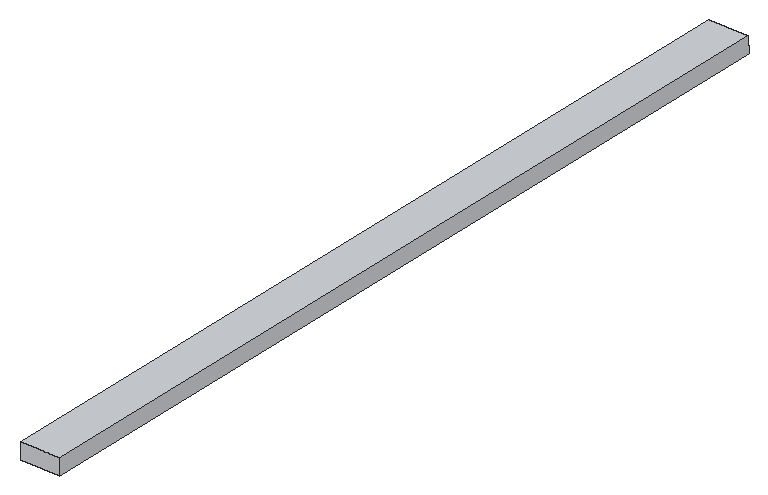
Revit family "LCS8", category Lighting Fixtures, host Face, Revit 2012
Parameters
  Wattage Comments = ""
  Wattage = 9.2903 W
  WIDTH = 2' - 0"
  built-in parameter 1150110 = 1 (stored number, unit not read)
  Voltage = 0 V
  built-in parameter 1114217 = 1 (stored number, unit not read)
  Tilt Angle = 60.00°
  built-in parameter 1150109 = 1 (stored number, unit not read)
  built-in parameter 1150134 = 3
  built-in parameter 1150113 = 1 (stored number, unit not read)
  Product Page URL = "http://www.columbialighting.com/products/specs/specs_files/lcs.pdf"
  Product Documentation Link = "http://www.columbialighting.com/products/specs/specs_files/lcs.pdf"
  Power Factor = 1
  Photometric Web File = "generic"
  Number of Poles = 1
  built-in parameter 1150142 = (empty or 0)
  Model = "LCS"
  Manufacturer = "COLUMBIA"
  built-in parameter 1150105 = 109.82 (stored number, unit not read)
  Lumens = 1380 lm
  built-in parameter 1150115 = 1 (stored number, unit not read)
  built-in parameter 1150137 = (empty or 0)
  built-in parameter 1150139 = (empty or 0)
  built-in parameter 1150112 = 1 (stored number, unit not read)
  built-in parameter 1150114 = 1 (stored number, unit not read)
  Lamp = "LED"
  LEGNTH = 4' - 6"
  built-in parameter 1150132 = (empty or 0)
  built-in parameter 1150102 = (empty or 0)
  built-in parameter 1150107 = 3200 (stored number, unit not read)
  built-in parameter 1150138 = (empty or 0)
  built-in parameter 1150106 = 1.0982 (stored number, unit not read)
  IES FILE LINK = ""
  built-in parameter 1150104 = 13.8 (stored number, unit not read)
  Dimming Lamp Color Temperature Shift = (empty or 0)
  Default Elevation = 4' - 0"
  Color Filter = 16777215
  built-in parameter 1114218 = 1 (stored number, unit not read)
  built-in parameter 1150133 = 10 (stored number, unit not read)
  Apparent Load = 0 VA
Reference planes (in)
  plane 1 "Center (Front/Back)": y = 0
  plane 2: z = 0
  plane 3 "Center (Left/Right)": x = 0
  plane 4: x = -2.21875
  plane 5: y = 48
  plane 6: x = 2.21875
  plane 7: y = -48
  plane 8: z = 1.8125
Forms (in)
  Extrusion 1, solid
    sketch origin (0, 0, 0) x (1, 0, 0) y (0, 0, 1)
      loop
        line (-2.21875, 0) -> (2.21875, 0) -> (2.21875, 1.8125) -> (-2.21875, 1.8125) -> (-2.21875, 0)
    from 48 to -48
Dimensions and locks (in)
  aligned and locked: plane 2 to host face
  aligned and locked: level to host face
Connectors (in)
  electrical at (0, 0, 0), driven by "Number of Poles", driven by "Voltage", driven by "Apparent Load", driven by "Power Factor"
    settings: on host face, index 1, voltage 0 V, apparent load 0 VA, apparent load phase1 0 VA, apparent load phase2 0 VA, apparent load phase3 0 VA, power factor 1, load classification "Other", number of poles 1, system type 31, power factor state 1, is connector primary yes, connector utility yes, sub classification motor no, connector description "Power"
